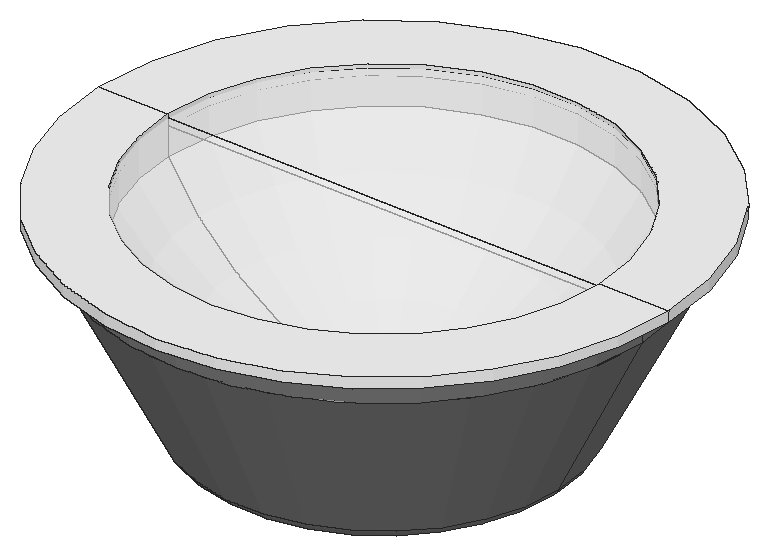
Revit family "30515", category Lighting Fixtures, host Face, Revit 2018
Family settings
  Host = Face
  Round Connector Dimension = Use Diameter
  Part Type = Normal
  OmniClass Number = 23.80.70.00
  OmniClass Title = Lighting
  Cut with Voids When Loaded = No
  Light Source = Yes
  Shared = No
  Room Calculation Point = No
Parameters (values of type "0030515 INSAVER SLIM UGR19 165 1200LM 840 SM")
  WidthBezel_SYL = if(Size1_SYL, 20 mm, if(Size2_SYL, 20 mm, if(Size3PIR_SYL, 30 mm, if(Size4_SYL, 20 mm, 20 mm))))  # 20 mm
  Weight = "n/a"
  Wattage Comments = ""
  Wattage = 9 W
  WarrantyStartDate [instance] = "n/a"
  WarrantyGuarantorParts = "n/a"
  WarrantyDurationUnit = "n/a"
  WarrantyDurationParts = ""
  WarrantyDescription = "http://www.sylvania-lighting.com"
  built-in parameter 1150110 = 1 (stored number, unit not read)
  Voltage = 230 V
  VisibilityPIR_SYL = Size3PIR_SYL  # no
  URL = "0.9"
  TypeName = "Insaver Slim UGR19 165 1200lm 840 Surface Mounted"
  Type Image = <None>
  Type Comments = "n/a"
  built-in parameter 1114217 = 1 (stored number, unit not read)
  Tilt Angle = -90.00°
  built-in parameter 1150109 = 1 (stored number, unit not read)
  built-in parameter 1150134 = (empty or 0)
  built-in parameter 1150113 = 1 (stored number, unit not read)
  Size4_SYL = no
  Size3PIR_SYL = no
  Size2_SYL = no
  Size1_SYL = yes
  SerialNumber [instance] = "n/a"
  RadiusTop_SYL = 6 mm
  RadiusReflector_SYL = if(Size1_SYL, 85 mm, if(Size2_SYL, 85 mm, if(Size3PIR_SYL, 85 mm, if(Size4_SYL, 100 mm, 120 mm))))  # 85 mm
  Photometric Web File = "0030515.IES"
  Material_3_FEILO = Top-Sylvania-STARTDownlight
  PowerFactor = 0.9
  PowerConsumption = "Lighting"
  NominalLength = 165 mm
  NominalHeight = 50 mm
  NominalDepth = 165 mm
  Name = "Insaver Slim UGR19 165 1200lm 840 Surface Mounted"
  ModelReference = Name  # "Insaver Slim UGR19 165 1200lm 840 Surface Mounted"
  ModelNumber = "0030515"
  Model = Name  # "Insaver Slim UGR19 165 1200lm 840 Surface Mounted"
  Material = "Feilo Sylvania"
  ManufacturerName = "126 lm/W"
  Manufacturer = ""
  LuminousEfficacy = ""
  built-in parameter 1150105 = 83.795 (stored number, unit not read)
  Lumens = 1053 lm
  LuminaireType = "0"
  built-in parameter 1150115 = 1 (stored number, unit not read)
  LightOutputRatio = "LED"
  built-in parameter 1150137 = (empty or 0)
  built-in parameter 1150139 = (empty or 0)
  LampsType = Lamp  # "n/a"
  LampNominalLuminous = "4000 K"
  LampMacAdamStep = "80"
  LampColourTemperature = "LED"
  LampColourRenderingIndex = "16500"
  built-in parameter 1150112 = 1 (stored number, unit not read)
  built-in parameter 1150114 = 1 (stored number, unit not read)
  Lamp = "n/a"
  Keynote = "n/a"
  InstallationDate [instance] = "n/a"
  InputVoltage = "0"
  InputNominalFrequency = "4000"
  built-in parameter 1150132 = (empty or 0)
  built-in parameter 1150102 = (empty or 0)
  built-in parameter 1150107 = 3000 (stored number, unit not read)
  built-in parameter 1150138 = (empty or 0)
  IngressProtection = "IfcLightFixtureType"
  ImpactProtectionIndex = "IfcLightFixtureType"
  built-in parameter 1150106 = 0.83795 (stored number, unit not read)
  IfcExportType = "IfcLightFixtureType"
  IfcExportAs = "Class II"
  Height_SYL = if(Size1_SYL, 61 mm, if(Size2_SYL, 61 mm, if(Size3PIR_SYL, 61 mm, if(Size4_SYL, 61 mm, 60 mm))))  # 61 mm
  HeightBezel_SYL = if(Size1_SYL, 3 mm, if(Size2_SYL, 3 mm, if(Size3PIR_SYL, 3 mm, if(Size4_SYL, 3.2 mm, 3 mm))))  # 3 mm
  ExpectedLife = 50000
  Emit from Circle Diameter = Diameter_SYL - 40 mm  # 125 mm
  Emit Shape Visible in Rendering = no
  ElectricShockClassification = "126"
  built-in parameter 1150104 = 10.87 (stored number, unit not read)
  DurationUnit = "hours"
  DocumentationLiterature = "http://www.sylvania-lighting.com/product/en-int/products/0030515"
  DimmingControlOptions = "n/a"
  Material_2_FEILO = Diffuser-Sylvania-STARTDownlight
  Dimming Lamp Color Temperature Shift = <None>
  Diameter_SYL = if(Size1_SYL, 165 mm, if(Size2_SYL, 190 mm, if(Size3PIR_SYL, 211 mm, if(Size4_SYL, 220 mm, 240 mm))))  # 165 mm
  DiameterTop_SYL = if(Size1_SYL, 98 mm, if(Size2_SYL, 122 mm, if(Size3PIR_SYL, 120 mm, if(Size4_SYL, 135 mm, 158 mm))))  # 98 mm
  DiameterTopBase_SYL = DiameterRecess_SYL  # 150 mm
  DiameterRecess_SYL = if(Size1_SYL, 150 mm, if(Size2_SYL, 170 mm, if(Size3PIR_SYL, 186 mm, if(Size4_SYL, 200 mm, 225 mm))))  # 150 mm
  Description = "Insaver Slim is a surface mounted LED downlight ,Die-cast aluminium body, loop in loop out connector for quick installation, Non dimmable LED driver, 9.5W; 1200lm; 126lm/W; 4000K; UGR <19 with height of 95 mm."
  Default Elevation = 1219.2 mm
  CreatedOn = "05/03/2024"
  CreatedBy = "@sylvania-lighting.com"
  Cost = 0
  Color Filter = 16777215
  built-in parameter 1114216 [instance] = (empty or 0)
  ClassificationValue = "EF_70_80"
  ClassificationName = "Uniclass2015"
  Material_1_FEILO = Trim-Sylvania-STARTDownlight-White
  BarCode [instance] = "n/a"
  built-in parameter 1114218 = 1 (stored number, unit not read)
  built-in parameter 1150133 = 10 (stored number, unit not read)
  AssetType = "Fixed"
  AssetIdentifier [instance] = "n/a"
  Assembly Code = "D5020200"
  Apparent Load = 9.5 VA
  Material_4_FEILO = LED-Sylvania-STARTDownlight
Reference planes
  plane 1 "Center (Front/Back)": y = 0
  plane 2: z = 0
  plane 3 "Center (Left/Right)": x = 0
  plane 4: x = 82.5
  plane 5: x = -82.5
  plane 6: z = 3
  plane 7: z = -8
  plane 8: z = -58
  plane 9: x = -75
  plane 10: x = 75
  plane 11: x = -49
  plane 12: x = 49
  plane 13: z = -85
  plane 14: x = -62.5
  plane 15: z = 2
  plane 16: z = -46
  plane 17: x = -16
  plane 18: x = -67.5
  plane 19: x = -81.5
  plane 20: x = -99.5
  plane 21: x = -76.5
  plane 22: z = 5.5
  plane 23: z = 8.7
  plane 24: x = -75.5
  plane 25: z = 13.7
Forms (mm)
  Revolve 1, void
    sketch origin (0, 0, 0) x (1, 0, 0) y (0, 0, 1)
      loop
        line (0, 0) -> (-75, 0) -> (-75, -85) -> (0, -85) -> (0, 0)
      axis (0, 0) -> (0, -85)
    angle from 360 to 0
  Revolve 2, solid, material "Trim-Sylvania-STARTDownlight-White" <- "Material_1_FEILO"
    sketch origin (0, 0, 0) x (1, 0, 0) y (0, 0, 1)
      loop
        line (-62.5, 3) -> (-82.5, 3) -> (-82.5, 0) -> (-75, 0) -> (-75, -8) -> (-50.681, -54.768)
        arc (-50.681, -54.768) -> (-48.471, -57.129) -> (-45.357, -58) r 6
        line (-45.357, -58) -> (0, -58) -> (0, -46) -> (-16, -46)
        arc (-16, -46) -> (-42.718, -31.243) -> (-62.5, -8) r 85
        line (-62.5, -8) -> (-62.5, 3)
      axis (0, 3) -> (0, -58)
    angle from 360 to 0
  Revolve 3, solid, material "Diffuser-Sylvania-STARTDownlight" <- "Material_2_FEILO"
    sketch origin (0, 0, 0) x (1, 0, 0) y (0, 0, 1)
      loop
        line (-62.5, 0) -> (0, 0) -> (0, 2) -> (-62.5, 2) -> (-62.5, 0)
      axis (0, 2) -> (0, 0)
    angle from 360 to 0
  Revolve 4, solid, material "Trim-Sylvania-STARTDownlight-White" <- "Material_1_FEILO", visible <- "VisibilityPIR_SYL"
    sketch origin (0, 0, 0) x (1, 0, 0) y (0, 0, 1)
      loop
        line (-67.5, 3) -> (-67.5, 13.7)
        arc (-67.5, 13.7) -> (-72.217, 12.347) -> (-75.5, 8.7) r 8.9
        line (-75.5, 8.7) -> (-75.5, 5.5) -> (-76.5, 5.5) -> (-76.5, 3) -> (-67.5, 3)
      axis (-67.5, 13.7) -> (-67.5, 3)
    angle from 360 to 0
Dimensions and locks
  equal spacing: plane 4, plane 3 "Center (Left/Right)", plane 5
  "Diameter_SYL": plane 4 to plane 5
  equal spacing: plane 10, plane 3 "Center (Left/Right)", plane 9
  equal spacing: plane 12, plane 3 "Center (Left/Right)", plane 11
  "DiameterTop_SYL": plane 12 to plane 11
  "HeightBezel_SYL": plane 6 to plane 2
  "Height_SYL": plane 6 to plane 8
  locked: plane 2 to plane 7 at 8
  locked: plane 2 to plane 13 at 85
  "WidthBezel_SYL": plane 14 to plane 5
  locked: plane 6 to plane 15 at 1
  "DiameterRecess_SYL": plane 10 to plane 9
  locked: plane 3 "Center (Left/Right)" to plane 17 at 16
  locked: plane 16 to plane 8 at 12
  locked: plane 18 to plane 21 at 9
  locked: plane 22 to plane 6 at 2.5
  locked: plane 23 to plane 22 at 3.2
  locked: plane 18 to plane 24 at 8
  locked: plane 25 to plane 23 at 5
  locked: plane 25 to Revolve 4 sketch curve at 8.9
  locked: plane 18 to plane 5 at 15
  "RadiusReflector_SYL": radius of Revolve 2 sketch curve
  "RadiusTop_SYL": radius of Revolve 2 sketch curve
  aligned and locked: plane 2 to host face
  aligned and locked: level to host face
  aligned and locked: Revolve 1 sketch curve to plane 3 "Center (Left/Right)"
  aligned and locked: plane 3 "Center (Left/Right)" to Revolve 1 sketch curve
  aligned and locked: Revolve 1 sketch curve to plane 9
  aligned and locked: plane 13 to Revolve 1 sketch curve
  aligned and locked: plane 3 "Center (Left/Right)" to imposter light
  aligned and locked: imposter light to plane 15
  aligned and locked: imposter light to plane 1 "Center (Front/Back)"
  aligned and locked: Revolve 2 sketch curve to plane 3 "Center (Left/Right)"
  aligned and locked: Revolve 2 sketch curve to plane 6
  aligned and locked: Revolve 2 sketch curve to plane 5
  aligned and locked: Revolve 2 sketch curve to level
  aligned and locked: plane 7 to Revolve 2 sketch curve  (x2)
  aligned and locked: Revolve 2 sketch curve to plane 9
  aligned and locked: plane 8 to Revolve 2 sketch curve
  aligned and locked: Revolve 2 sketch curve to plane 14
  aligned and locked: plane 3 "Center (Left/Right)" to Revolve 2 sketch curve
  aligned and locked: Revolve 2 sketch curve to plane 16
  aligned and locked: Revolve 3 sketch curve to plane 3 "Center (Left/Right)"
  aligned and locked: Revolve 3 sketch curve to level
  aligned and locked: imposter light to Revolve 3 sketch curve  (x2)
  aligned and locked: Revolve 4 sketch curve to plane 18  (x2)
  aligned and locked: Revolve 4 sketch curve to plane 6
  aligned and locked: plane 22 to Revolve 4 sketch curve
  aligned and locked: plane 24 to Revolve 4 sketch curve
  aligned and locked: Revolve 4 sketch curve to Revolve 4 sketch curve
  aligned and locked: plane 21 to Revolve 4 sketch curve
Automatic sketch dimensions
  host sketch curve to host sketch curve = 2438.4 mm  (x2)
  plane 13 to Revolve 1 sketch curve = 524.6 mm
  Revolve 1 sketch curve to plane 6 = 2606.058 mm
  Revolve 1 sketch curve to level = 0 mm
  Revolve 2 sketch curve to plane 17 = 0 mm
  Revolve 2 sketch curve to plane 11 = 1.681 mm
  plane 11 to Revolve 2 sketch curve = 3.643 mm
  plane 13 to Revolve 2 sketch curve = 524.6 mm
  Revolve 2 sketch curve to Revolve 2 sketch curve = 2577.983 mm
  Revolve 3 sketch curve to plane 14 = 0 mm
  plane 13 to Revolve 3 sketch curve = 524.6 mm
  Revolve 3 sketch curve to plane 6 = 2606.058 mm
  Revolve 4 sketch curve to plane 23 = 0 mm
  plane 13 to Revolve 4 sketch curve = 524.6 mm
  Revolve 4 sketch curve to Revolve 4 sketch curve = 2595.358 mm
Connectors
  electrical at (0, 0, 0), driven by "Apparent Load", driven by "PowerFactor", driven by "Voltage"
    settings: index 1, voltage 230 V, apparent load 9.5 VA, apparent load phase1 0 VA, apparent load phase2 0 VA, apparent load phase3 0 VA, power factor 0.9, load classification "Lighting", number of poles 1, system type 30, power factor state 1, is connector primary yes, connector utility no, sub classification motor no, connector description ""
